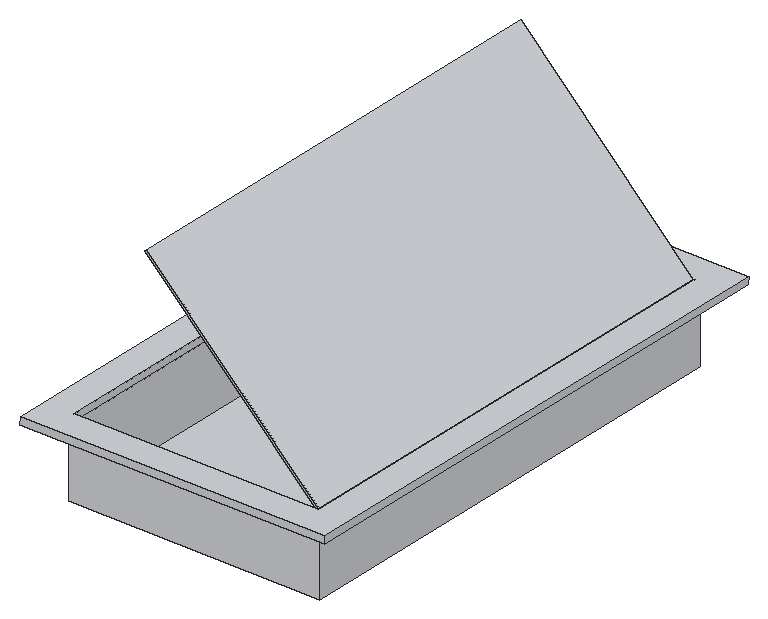
Revit family "Hager-Volta-IP30-Flush_mounted-empty-SE-en", category Electrical Equipment, host Face, Revit 2020
Family settings
  Host = Face
  Panel Configuration = Two Columns, Circuits Across
  Round Connector Dimension = Use Diameter
  Part Type = Panelboard
  Cut with Voids When Loaded = No
  Shared = No
  Room Calculation Point = No
Parameters (values of type "Recessed mounted IP30 W348 H630.5 D98 12 Modular spacings - VU36NMB")
  Width Control [instance] = if([HG000006 - Flush mounted], if([EF000846 - Built-in width] > min_whd, [EF000846 - Built-in width], min_whd), if([EF000008 - Width] > min_whd, ([EF000008 - Width]), min_whd))  # 314 mm
  Void Depth [instance] = if([HG000006 - Flush mounted], Depth Control, 1 mm)  # 89 mm
  Type Comments = [HG000003 - Range]  # "Volta"
  System Height [instance] = Height Control - 2 * [HG000005 - Thickness]  # 589 mm
  Model = [HG000004 - Manufacturer reference]  # "VU36NMB"
  HG000017 - Distance between poles = 18 mm
  HG000016 - Door 3d visibility [instance] = yes
  HG000015 - Clearance visibility [instance] = no
  HG000014 - Door on the right [instance] = yes
  HG000013 - Door on the left [instance] = not([HG000014 - Door on the right])  # no
  HG000012 - Door swing angle [instance] = 45.00°
  HG000011 - Empty rows from bottom = no
  HG000010 - Asymmetric doors = no
  HG000009 - Double swing door = no
  HG000008 - Number of empty rows = 0
  HG000007 - Number of empty columns = 0
  HG000006 - Flush mounted = yes
  HG000005 - Thickness = 3 mm  # constant formula
  HG000004 - Manufacturer reference = "VU36NMB"
  HG000003 - Range = "Volta"
  HG000002 - With door or cover = yes
  HG000001 - Number of columns = 0
  EF015941 - Signal passing door = no
  EF015777 - Neutral terminal block = no
  EF015776 - Earthing terminal block = yes
  EF009212 - Cover model = "EV009916 - With notch"
  EF006306 - With lock = no
  EF006244 - Transparent cover/door = no
  EF005474 - Degree of protection (IP) = "EV006410 - IP30"
  EF004462 - Type of closure = "EV000154 - Other"
  EF002950 - Width in number of modular spacings = 12
  EF001596 - Material housing = "EV000154 - Other"
  EF001134 - DIN-rail = yes
  EF001131 - Internal depth = 92 mm
  EF001088 - Extension possible = yes
  EF001062 - EMC-version = no
  EF000846 - Built-in width = 314 mm
  EF000339 - Type of cover = "EV004216 - Door"
  EF000332 - Built-in height = 595 mm
  EF000266 - Number of rows = 0
  EF000218 - Built-in depth = 89 mm
  EF000118 - With mounting plate = yes
  EF000116 - RAL-number = "9010"
  EF000049 - Depth = 98 mm
  EF000040 - Height = 630 mm
  EF000008 - Width = 348 mm
  EF000007 - Colour = "EV000202 - White"
  EF000003 - Mounting method = "EV000383 - Flush mounted (plaster)"
  Arrow Offset [instance] = Depth Control / 8  # 11.125 mm
  Arrow Height [instance] = Depth Control - Arrow Offset  # 77.875 mm
  Host Offset [instance] = if([HG000006 - Flush mounted], 0 mm, [EF000049 - Depth])  # 0 mm
  min_whd [instance] = (2 * [HG000005 - Thickness]) + 1 mm  # 7 mm
  Manufacturer = "Hager"  # constant formula
  Height Control [instance] = if([HG000006 - Flush mounted], if([EF000332 - Built-in height] > min_whd, [EF000332 - Built-in height], min_whd), if([EF000040 - Height] > min_whd, ([EF000040 - Height]), min_whd))  # 595 mm
  Flush Mounted - Door Frame Width [instance] = if(([EF000040 - Height] - [EF000332 - Built-in height]) > 0 mm, if([HG000006 - Flush mounted], [EF000040 - Height] - [EF000332 - Built-in height], 0 mm), 0 mm)  # 35 mm
  Depth Control [instance] = if([HG000006 - Flush mounted], if([EF000218 - Built-in depth] > 0 mm, [EF000218 - Built-in depth], 1 mm), if([EF000049 - Depth] > 0 mm, ([EF000049 - Depth]), 1 mm))  # 89 mm
  Default Elevation = 0 mm
Reference planes
  plane 1 "Center (Front/Back)": y = 0
  plane 2: z = 0
  plane 3 "Center (Left/Right)": x = 0
  plane 4: z = 0
  plane 5: y = 38
  plane 6: z = -5
  plane 7: y = 332.5
  plane 8: y = 35
  plane 9: y = 630
  plane 10: z = -89
  plane 11: x = -157
  plane 12: x = 157
  plane 13: x = 154
  plane 14: x = -154
  plane 15: y = 627
  plane 16: z = -86
  plane 17: z = -3
  plane 18: z = -89
  plane 19: z = -3
Forms (mm)
  Extrusion 1, solid
    sketch origin (-583.045, 35, 1219.2) x (-1, 0, 0) y (0, 0, 1)
      loop
        line (-426.045, -1219.2) -> (-740.045, -1219.2) -> (-740.045, -1308.2) -> (-426.045, -1308.2) -> (-426.045, -1219.2)
    from 0 to 595 <- "Height Control"
  Extrusion 2, void
    sketch origin (-381.607, -4572, 0) x (0, -1, 0) y (-1, 0, 0)
      loop
        line (-5199, -227.607) -> (-5199, -535.607) -> (-4610, -535.607) -> (-4610, -227.607) -> (-5199, -227.607)
    from 0 to 86
  Extrusion 3, void
    sketch origin (0, 0, 0) x (1, 0, 0) y (0, 1, 0)
      loop
        line (-157, 35) -> (157, 35) -> (157, 630) -> (-157, 630) -> (-157, 35)
    from -89 to 1
  Extrusion 4, solid, detail levels coarse+medium
    sketch origin (-381.607, -4572, 0) x (-1, 0, 0) y (0, -1, 0)
      loop
        line (-227.607, -5199) -> (-227.607, -4610) -> (-535.607, -4610) -> (-535.607, -5199) -> (-227.607, -5199)
    from 0 to -3
Cuts and joins
  Extrusion 2 cuts Extrusion 1
Dimensions and locks
  plane 4 to plane 6 = 5 mm
  "Host Offset": plane 4 to host face
  "Flush Mounted - Door Frame Width": plane 1 "Center (Front/Back)" to plane 8
  "HG000005 - Thickness": plane 5 to plane 8
  locked: connector elem to plane 3 "Center (Left/Right)"
  "Height Control": plane 9 to plane 8
  equal spacing: plane 9, plane 7, plane 8
  locked: connector elem to plane 7
  "Depth Control": plane 4 to plane 10
  "HG000005 - Thickness": plane 11 to plane 14
  "HG000005 - Thickness": plane 12 to plane 13
  equal spacing: plane 11, plane 3 "Center (Left/Right)", plane 12
  "Width Control": plane 11 to plane 12
  "Arrow Offset": nested 4 to plane 10
  "HG000005 - Thickness": plane 9 to plane 15
  "HG000005 - Thickness": plane 16 to plane 10
  "HG000005 - Thickness": plane 4 to plane 17
  "Void Depth": plane 2 to plane 18
  "HG000005 - Thickness": plane 4 to plane 19
  aligned and locked: plane 2 to host face
  aligned and locked: level to host face
  aligned and locked: plane 3 "Center (Left/Right)" to nested 2
  aligned and locked: plane 4 to nested 2
  aligned and locked: nested 2 to plane 8
  aligned and locked: nested 1 to plane 6
  aligned and locked: plane 5 to nested 1
  aligned and locked: nested 4 to plane 11
  aligned and locked: nested 3 to plane 4
  aligned and locked: Extrusion 1 sketch curve to plane 12
  aligned and locked: Extrusion 1 sketch curve to plane 11
  aligned and locked: nested 3 to plane 10
  aligned and locked: plane 10 to Extrusion 1 sketch curve
  aligned and locked: plane 5 to Extrusion 2 sketch curve
  aligned and locked: Extrusion 2 sketch curve to plane 15
  aligned and locked: Extrusion 2 sketch curve to plane 14
  aligned and locked: Extrusion 2 sketch curve to plane 13
  aligned and locked: plane 11 to Extrusion 3 sketch curve
  aligned and locked: plane 9 to Extrusion 3 sketch curve
  aligned and locked: Extrusion 3 sketch curve to plane 8
  aligned and locked: plane 12 to Extrusion 3 sketch curve
  aligned and locked: nested 3 to plane 12
  aligned and locked: Extrusion 3 to plane 18
  aligned and locked: Extrusion 2 to plane 16
  aligned and locked: Extrusion 1 sketch curve to plane 4
  aligned and locked: Extrusion 4 to plane 17
  aligned and locked: Extrusion 4 sketch curve to plane 15
  aligned and locked: Extrusion 4 sketch curve to plane 13
  aligned and locked: Extrusion 4 sketch curve to plane 14
  aligned and locked: plane 5 to Extrusion 4 sketch curve
Automatic sketch dimensions
  host sketch curve to host sketch curve = 1469.727 mm
  host sketch curve to host sketch curve = 1434.803 mm
Nested families
  nested 1: "Hager_Enclosure_System" at (0, 38, -5) x (1, 0, 0) z (0, 1, 0), Depth <- "HG000005 - Thickness", Height <- "System Height", Width <- "EF000008 - Width", Border <- "HG000005 - Thickness", Flush_Mounted <- "HG000006 - Flush mounted", Built-in_Width <- "EF000846 - Built-in width", Row_Module_Multiplicator <- "EF002950 - Width in number of modular spacings", Total_No_Empty_Rows <- "HG000008 - Number of empty rows", Total_No_Rows <- "EF000266 - Number of rows", Empty_Columns <- "HG000007 - Number of empty columns", Width_Control <- "Width Control", Empty_Rows_From_Bottom <- "HG000011 - Empty rows from bottom", Distance_Between_Poles <- "HG000017 - Distance between poles", Rows_Count <- "EF000266 - Number of rows", Columns_Count <- "HG000001 - Number of columns", type "Hager_Enclosure_System", detail levels fine
    with Width_Control 314 mm, Width 348 mm, Total_No_Rows 0, Total_No_Empty_Rows 0, Total_No_Columns 1, System_Width 308 mm, Rows_Count 0, Rows_Column 0, Row_Module_Multiplicator 12, Panel_4 no, Panel_3 no, Panel_2 no, Panel_1 no, No_Panels_Ctrl 1, Hide_Columns yes, Height 589 mm, Flush_Mounted yes, Empty_Rows_From_Bottom no, Empty_Rows_Column 0, Empty_Columns 0, Distance_Between_Poles 18 mm, Depth 3 mm, Columns_Count 0, Column_Width 308 mm, Built-in_Width 314 mm, Border 3 mm
  nested 2: "Hager_Enclosure_Door" at (0, 35, 0) x (1, 0, 0) z (0, 1, 0), Border <- "HG000005 - Thickness", Door_Right <- "HG000014 - Door on the right", Flush_Mounted <- "HG000006 - Flush mounted", Depth <- "EF000049 - Depth", Width <- "EF000008 - Width", Door_Left <- "HG000013 - Door on the left", 3d_Door <- "HG000016 - Door 3d visibility", BuiltIn_Width <- "EF000846 - Built-in width", BuiltIn_Height <- "EF000332 - Built-in height", BuiltIn_Depth <- "EF000218 - Built-in depth", Angle <- "HG000012 - Door swing angle", Assymetrical <- "HG000010 - Asymmetric doors", Double <- "HG000009 - Double swing door", Clearance <- "HG000015 - Clearance visibility", Transparent <- "EF006244 - Transparent cover/door", Door <- "HG000002 - With door or cover", Height_Ctrl <- "Height Control", Width_Ctrl <- "Width Control", Height <- "EF000040 - Height", type "Hager_Enclosure_Door", detail levels medium+fine
    with min_wh 7 mm, Width_Ctrl 314 mm, Width 348 mm, Transparent_Door_No_Bottom_Border no, Transparent no, Leaf_Width 305 mm, Leaf_Tolerance 1.5 mm, Leaf_Height 586 mm, Leaf_2_Width 305 mm, Leaf_2_Offset 152.5 mm, Leaf_1_Width 305 mm, Leaf_1_Offset 152.5 mm, Height_Ctrl 595 mm, Height 630 mm, Frame_Width_Ctrl 34 mm, Frame_Width 34 mm, Frame_Internal_Offset 3 mm, Frame_Height_Ctrl 35 mm, Frame_Height 35 mm, Frame_Depth_Ctrl 9 mm, Frame_Depth 9 mm, Flush_Mounted yes, Double_Clearance_Ctrl no, Double no, Door_Right_Ctrl yes, Door_Right yes, Door_Left_Ctrl no, Door_Left no, Door yes, Depth 98 mm, Clearance_Depth 305 mm, Clearance_Ctrl no, Clearance no, BuiltIn_Width 314 mm, BuiltIn_Height 595 mm, BuiltIn_Depth 89 mm, Border 3 mm, Assymetrical no, Angle 45.00°, 3d_Door yes
  nested 3: "Hager_Enclosure_Symbol_Triangle" at (-157, 0, -89) x (1, 0, 0) z (0, -1, 0), Depth <- "Depth Control", Width <- "Width Control", type "Hager_Enclosure_Symbol_Triangle"
    with Width_Ctrl 314 mm, Width 314 mm, Depth_Ctrl 89 mm, Depth 89 mm
  nested 4: "Hager_Enclosure_Symbol_Arrow" at (-157, 0, -77.875) x (1, 0, 0) z (0, -1, 0), Height <- "Arrow Height", type "Hager_Enclosure_Symbol_Arrow"
    with Width_Inside 5.841 mm, Width 70.087 mm, Height_Ctrl 77.875 mm, Height 77.875 mm
Connectors
  electrical at (0, 332.5, -89)
    settings: on plane 10, index 1, voltage 0 V, apparent load 0 VA, apparent load phase1 0 VA, apparent load phase2 0 VA, apparent load phase3 0 VA, power factor 1, load classification "Other", number of poles 1, system type 30, power factor state 1, is connector primary yes, connector utility no, sub classification motor no, connector description ""
Definition of nested family "Hager_Enclosure_Door"
  Parameters (values of type "Hager_Enclosure_Door")
    min_wh [instance] = (2 * Border) + 1 mm  # 11 mm
    Width_Ctrl [instance] = 400 mm
    Width [instance] = 500 mm
    Transparent_Door_No_Bottom_Border [instance] = no
    Transparent [instance] = yes
    Leaf_Width [instance] = if((Width_Ctrl - 2 * Border - 2 * Leaf_Tolerance) > 0 mm, (Width_Ctrl - 2 * Border - 2 * Leaf_Tolerance), min_wh)  # 387 mm
    Leaf_Tolerance [instance] = 1.5 mm  # constant formula
    Leaf_Height [instance] = if((Height_Ctrl - 2 * Border - 2 * Leaf_Tolerance) > 0 mm, (Height_Ctrl - 2 * Border - 2 * Leaf_Tolerance), min_wh)  # 387 mm
    Leaf_2_Width [instance] = if(and(and(Double, Assymetrical), Door_Left), (Leaf_Width / 3) - (Leaf_Tolerance / 2), if(and(and(Double, Assymetrical), Door_Right), (Leaf_Width / 3) * 2 - (Leaf_Tolerance / 2), if(and(Double, not(Assymetrical)), (Leaf_Width / 2) - Leaf_Tolerance, Leaf_Width)))  # 387 mm
    Leaf_2_Offset [instance] = if(and(Double, Assymetrical), Leaf_2_Width / 2, if(and(Double, not(Assymetrical)), Leaf_Width / 4, Leaf_Width / 2))  # 193.5 mm
    Leaf_1_Width [instance] = if(and(and(Double, Assymetrical), Door_Right), (Leaf_Width / 3) - (Leaf_Tolerance / 2), if(and(and(Double, Assymetrical), Door_Left), (Width / 3) * 2 - (Leaf_Tolerance / 2), if(and(Double, not(Assymetrical)), (Leaf_Width / 2) - Leaf_Tolerance, Leaf_Width)))  # 387 mm
    Leaf_1_Offset [instance] = if(and(Double, Assymetrical), Leaf_1_Width / 2, if(and(Double, not(Assymetrical)), Leaf_Width / 4, Leaf_Width / 2))  # 193.5 mm
    Height_Ctrl [instance] = 400 mm
    Height [instance] = 500 mm
    Frame_Width_Ctrl [instance] = if(Frame_Width > 0 mm, Frame_Width, 1 mm)  # 1 mm
    Frame_Width [instance] = Width - BuiltIn_Width  # 0 mm
    Frame_Internal_Offset [instance] = if(Flush_Mounted, Border, 0 mm)  # 5 mm
    Frame_Height_Ctrl [instance] = if(Frame_Height > 0 mm, Frame_Height, 1 mm)  # 1 mm
    Frame_Height [instance] = Height - BuiltIn_Height  # 0 mm
    Frame_Depth_Ctrl [instance] = if(Frame_Depth > 0 mm, Frame_Depth, 1 mm)  # 1 mm
    Frame_Depth [instance] = if(Depth - BuiltIn_Depth > 0 mm, if(Flush_Mounted, Depth - BuiltIn_Depth, 0 mm), 0 mm)  # 0 mm
    Flush_Mounted [instance] = yes
    Double_Clearance_Ctrl [instance] = and(Double, Clearance)  # no
    Double [instance] = no
    Door_Right_Ctrl [instance] = and(or(Door_Right, Double), Door)  # yes
    Door_Right [instance] = yes
    Door_Left_Ctrl [instance] = and(or(Door_Left, Double), Door)  # no
    Door_Left [instance] = no
    Door [instance] = yes
    Depth [instance] = 500 mm
    Default Elevation = 1219.2 mm
    Clearance_Material = none
    Clearance_Depth [instance] = if(Leaf_1_Width > Leaf_2_Width, Leaf_1_Width, Leaf_2_Width)  # 387 mm
    Clearance_Ctrl [instance] = and(not(Double), Clearance)  # yes
    Clearance [instance] = yes
    BuiltIn_Width [instance] = 500 mm
    BuiltIn_Height [instance] = 500 mm
    BuiltIn_Depth [instance] = 500 mm
    Border [instance] = 5 mm
    Assymetrical [instance] = yes
    Angle [instance] = 30.00°
    3d_Door [instance] = yes
  Reference planes
    plane 1 "Center (Front/Back)": y = 0
    plane 2 "Bottom": z = 0
    plane 3 "Center (Left/Right)": x = 0
    plane 4: z = 400
    plane 5: x = -200
    plane 6: x = 200
    plane 7: z = 395
    plane 8: x = -195
    plane 9: z = 5
    plane 10: x = 195
    plane 11: y = 0
    plane 12: z = 6.5
    plane 13: x = -582
    plane 14: y = -387
    plane 15: x = 582
    plane 16: x = 0
    plane 17: x = 0
    plane 18: x = -193.5
    plane 19: x = 193.5
    plane 20: z = 393.5
  Forms (mm)
    Extrusion 1, solid, visible <- "Flush_Mounted"
      sketch origin (0, 0, 0) x (1, 0, 0) y (0, 0, 1)
        loop
          line (195, 5) -> (195, 395) -> (-195, 395) -> (-195, 5) -> (195, 5)
        loop
          line (-201, 401) -> (-201, -1) -> (201, -1) -> (201, 401) -> (-201, 401)
      from 0 to 1 <- "Frame_Depth_Ctrl"
    Extrusion 2, solid, material <- "Clearance_Material", visible <- "Double_Clearance_Ctrl"
      sketch origin (1200, 0, 0) x (1, 0, 0) y (0, 0, -1)
        loop
          line (-1782, -393.5) -> (-618, -393.5) -> (-618, 0) -> (-1782, 0) -> (-1782, -393.5)
      from 0 to -387
  Dimensions and locks
    equal spacing: plane 5, plane 3 "Center (Left/Right)", plane 6
    "Width_Ctrl": plane 5 to plane 6
    "Border": plane 5 to plane 8
    "Border": plane 6 to plane 10
    "Border": plane 9 to level
    "Border": plane 4 to plane 7
    "Height_Ctrl": plane 4 to level
    "Leaf_Tolerance": plane 12 to plane 9
    "Frame_Depth": plane 11 to plane 1 "Center (Front/Back)"
    "Frame_Width_Ctrl": plane 5 to Extrusion 1 sketch curve
    "Frame_Width_Ctrl": plane 6 to Extrusion 1 sketch curve
    "Frame_Width_Ctrl": Extrusion 1 sketch curve to plane 4
    "Frame_Width_Ctrl": plane 2 "Bottom" to Extrusion 1 sketch curve
    "Leaf_1_Offset": plane 18 to plane 16
    "Leaf_2_Offset": plane 17 to plane 19
    "Leaf_1_Width": plane 13 to plane 8
    "Leaf_2_Width": plane 10 to plane 15
    "Clearance_Depth": plane 14 to plane 1 "Center (Front/Back)"
    "Leaf_Tolerance": plane 8 to plane 18
    "Leaf_Tolerance": plane 19 to plane 10
    "Leaf_Tolerance": plane 7 to plane 20
    "Frame_Internal_Offset": plane 5 to Extrusion 1 sketch curve
    "Frame_Internal_Offset": Extrusion 1 sketch curve to plane 2 "Bottom"
    "Frame_Internal_Offset": plane 6 to Extrusion 1 sketch curve
    "Frame_Internal_Offset": plane 4 to Extrusion 1 sketch curve
    aligned and locked: level to plane 2 "Bottom"
    aligned and locked: nested 1 to plane 16
    aligned and locked: nested 2 to plane 17
    aligned and locked: Extrusion 2 to plane 13
    aligned and locked: plane 15 to Extrusion 2
    aligned and locked: Extrusion 2 to plane 14
    aligned and locked: plane 12 to nested 1
    aligned and locked: nested 2 to plane 12
    aligned and locked: Extrusion 2 to plane 11
    aligned and locked: plane 20 to Extrusion 2
    aligned and locked: nested 2 to plane 11
    aligned and locked: nested 1 to plane 11
  Automatic sketch dimensions
    Extrusion 2 sketch curve to level = 0 mm
    plane 5 to Extrusion 2 sketch curve = 382 mm
    plane 6 to Extrusion 2 sketch curve = 382 mm
    Extrusion 2 sketch curve to plane 4 = 6.5 mm
  Nested families
    nested 1: "Hager_Enclosure_Door_Leaf" at (0, 0, 6.5), Width <- "Leaf_1_Width", visible <- "Door_Left_Ctrl", Leaf_Height <- "Leaf_Height", Angle <- "Angle", Depth <- "Border", 3d_Door <- "3d_Door", Transparent <- "Transparent", Clearance Material <- "Clearance_Material", Clearance <- "Clearance_Ctrl", Transparent_Door_No_Bottom_Border <- "Transparent_Door_No_Bottom_Border", type "Hager_Enclosure_Door_Leaf"
      with Width 387 mm, Transparent_Door_No_Bottom_Border no, Transparent_Door_Border_Bottom_Top 25 mm, Transparent_Door_Border 25 mm, Transparent_Ctrl yes, Transparent yes, Standard no, Leaf_Height 387 mm, Glass_Offset 1 mm, Depth 5 mm, Clearance Material none, Clearance yes, Angle_Ctrl 30.00°, Angle 30.00°, 3d_Door yes
    nested 2: "Hager_Enclosure_Door_Leaf" at (0, 0, 6.5) x (-1, 0, 0) z (0, 0, 1), Width <- "Leaf_2_Width", visible <- "Door_Right_Ctrl", Leaf_Height <- "Leaf_Height", Angle <- "Angle", Depth <- "Border", 3d_Door <- "3d_Door", Transparent <- "Transparent", Clearance Material <- "Clearance_Material", Clearance <- "Clearance_Ctrl", Transparent_Door_No_Bottom_Border <- "Transparent_Door_No_Bottom_Border", type "Hager_Enclosure_Door_Leaf"
      with Width 387 mm, Transparent_Door_No_Bottom_Border no, Transparent_Door_Border_Bottom_Top 25 mm, Transparent_Door_Border 25 mm, Transparent_Ctrl yes, Transparent yes, Standard no, Leaf_Height 387 mm, Glass_Offset 1 mm, Depth 5 mm, Clearance Material none, Clearance yes, Angle_Ctrl 30.00°, Angle 30.00°, 3d_Door yes
  Definition of nested family "Hager_Enclosure_Door_Leaf"
    Parameters (values of type "Hager_Enclosure_Door_Leaf")
      Width [instance] = 2000 mm
      Transparent_Door_No_Bottom_Border [instance] = yes
      Transparent_Door_Border_Bottom_Top [instance] = if(Transparent_Door_No_Bottom_Border, 0.1 mm, Transparent_Door_Border)  # 0.1 mm
      Transparent_Door_Border [instance] = if(Transparent_Door_No_Bottom_Border, (Width * 0.12), 25 mm)  # 240 mm
      Transparent_Ctrl [instance] = and(Transparent, [3d_Door])  # yes
      Transparent [instance] = yes
      Standard [instance] = and(not(Transparent), [3d_Door])  # no
      Leaf_Height [instance] = 2720.336 mm
      Glass_Offset [instance] = if((Depth - 10 mm) / 2 > 0 mm, (Depth - 10 mm) / 2, 1 mm)  # 15 mm
      Glass_Material = none
      Depth [instance] = 40 mm
      Default Elevation = 0 mm
      Clearance Material [instance] = none
      Clearance [instance] = yes
      Angle_Ctrl [instance] = if(Angle > 170.00°, 170.00°, Angle)  # 45.00°
      Angle [instance] = 45.00°
      3d_Door [instance] = yes
    Reference planes
      plane 1 "Center (Front/Back)": y = 0
      plane 2: z = 0
      plane 3 "Center (Left/Right)": x = 0
      plane 4: y = 2000
      plane 5: x = -1000
      plane 6: x = 1000
      plane 7: x = -3000
      plane 8: z = 2720.336
      plane 9: z = 0.1
      plane 10: z = 2720.236
      plane 11: x = 760
      plane 12: x = -760
    Forms (mm)
      Extrusion 1, solid, material <- "Clearance Material", visible <- "Clearance"
        sketch origin (0, 0, 0) x (1, 0, 0) y (0, 0, 1)
          loop
            line (-3000, 2720.336) -> (-3000, 0) -> (1000, 0) -> (1000, 2720.336) -> (-3000, 2720.336)
        from 0 to -2000
      Extrusion 2, solid, visible <- "Standard", detail levels medium+fine
        sketch origin (-1000, 0, 0) x (0.707107, 0.707107, 0) y (-0.707107, 0.707107, 0)
          loop
            line (0, -40) -> (2000, -40) -> (2000, 0) -> (0, 0) -> (0, -40)
        from 0 to 2720.336 <- "Leaf_Height"
      Extrusion 3, solid, visible <- "Transparent_Ctrl", detail levels medium+fine
        sketch origin (-1000, 0, 0) x (0.707107, 0.707107, 0) y (-0.707107, 0.707107, 0)
          loop
            line (0, -40) -> (2000, -40) -> (2000, 0) -> (0, 0) -> (0, -40)
        from 0 to 2720.336 <- "Leaf_Height"
      Extrusion 4, void, detail levels medium+fine
        sketch origin (-1000, 0, 0) x (-0.707107, 0.707107, 0) y (0.707107, 0.707107, 0)
          loop
            line (0, 240) -> (0, 1760) -> (-40, 1760) -> (-40, 240) -> (0, 240)
        from -2720.236 to -0.1
      Extrusion 5, solid, material <- "Glass_Material", visible <- "Transparent_Ctrl", detail levels medium+fine
        sketch origin (-1000, 0, 0) x (0.707107, 0.707107, 0) y (-0.707107, 0.707107, 0)
          loop
            line (240, -15) -> (240, -25) -> (1760, -25) -> (1760, -15) -> (240, -15)
        from 0.1 to 2720.236
    Cuts and joins
      Extrusion 4 cuts Extrusion 3
    Lines and regions (mm)
      symbolic lines
        curve 1: line (1000, 0, 0) -> (-3000, 0, 0)
        curve 2: arc (1000, 0, 0) -> (-1000, 2000, 0) -> (-3000, 0, 0) r 2000
        curve 4: line (-1000, 0, 0) -> (414.214, 1414.214, 0)
      reference lines
        curve 3: line (-1000, 0, 0) -> (414.214, 1414.214, 0)
      symbolic lines, detail levels medium+fine
        curve 5: line (414.214, 1414.214, 0) -> (442.498, 1385.929, 0)
        curve 6: line (442.498, 1385.929, 0) -> (-971.716, -28.284, 0)
        curve 7: line (-971.716, -28.284, 0) -> (-1000, 0, 0)
        curve 8: line (-1000, 0, 2720.336) -> (1000, 0, 2720.336)
        curve 9: line (-1000, 0, 0) -> (-1000, 0, 2720.336)
        curve 10: line (1000, 0, 0) -> (-1000, 0, 0)
        curve 11: line (1000, 0, 2720.336) -> (1000, 0, 0)
      symbolic lines, visible <- "Transparent_Ctrl", detail levels medium+fine
        curve 12: line (-760, 0, 2720.236) -> (760, 0, 2720.236)
        curve 13: line (-760, 0, 0.1) -> (-760, 0, 2720.236)
        curve 14: line (760, 0, 0.1) -> (-760, 0, 0.1)
        curve 15: line (760, 0, 2720.236) -> (760, 0, 0.1)
    Dimensions and locks
      "Width": plane 1 "Center (Front/Back)" to plane 4
      equal spacing: plane 5, plane 3 "Center (Left/Right)", plane 6
      "Width": plane 5 to plane 6
      "Width": plane 7 to plane 5
      "Leaf_Height": plane 8 to level
      "Depth": curve 6 to curve 3
      "Width": curve 5 to curve 3
      "Width": curve 3 to curve 3
      "Transparent_Door_Border": Extrusion 4 sketch curve to curve 7
      "Transparent_Door_Border": Extrusion 4 sketch curve to curve 5
      "Transparent_Door_Border_Bottom_Top": plane 8 to plane 10
      "Transparent_Door_Border_Bottom_Top": plane 9 to level
      "Glass_Offset": Extrusion 5 sketch curve to curve 4
      "Glass_Offset": Extrusion 5 sketch curve to curve 6
      "Transparent_Door_Border": Extrusion 5 sketch curve to curve 5
      "Transparent_Door_Border": Extrusion 5 sketch curve to curve 7
      "Transparent_Door_Border": plane 12 to plane 5
      "Transparent_Door_Border": plane 6 to plane 11
      "Angle_Ctrl": angle plane 1 "Center (Front/Back)" to curve 3
      aligned and locked: level to plane 2
      aligned and locked: Extrusion 1 to curve 1
      aligned and locked: plane 6 to Extrusion 1
      aligned and locked: Extrusion 1 to plane 1 "Center (Front/Back)"
      aligned and locked: plane 4 to Extrusion 1
      aligned and locked: plane 8 to Extrusion 1
      aligned and locked: curve 4 to curve 3
      aligned and locked: Extrusion 2 sketch curve to curve 7
      aligned and locked: Extrusion 2 sketch curve to curve 6
      aligned and locked: Extrusion 2 sketch curve to curve 5
      aligned and locked: Extrusion 2 sketch curve to curve 3
      aligned and locked: curve 7 to Extrusion 3 sketch curve
      aligned and locked: Extrusion 3 sketch curve to curve 4
      aligned and locked: Extrusion 3 sketch curve to curve 6
      aligned and locked: Extrusion 3 sketch curve to curve 5
      aligned and locked: curve 4 to Extrusion 4 sketch curve
      aligned and locked: curve 6 to Extrusion 4 sketch curve
      aligned and locked: Extrusion 4 to plane 9
      aligned and locked: Extrusion 4 to plane 10
      aligned and locked: Extrusion 5 to plane 9
      aligned and locked: Extrusion 5 to plane 10
      aligned and locked: curve 8 to plane 8
      aligned and locked: plane 5 to curve 9
      aligned and locked: plane 2 to curve 10
      aligned and locked: curve 11 to plane 6
      aligned and locked: plane 10 to curve 12
      aligned and locked: plane 12 to curve 13
      aligned and locked: curve 14 to plane 9
      aligned and locked: plane 11 to curve 15
    Automatic sketch dimensions
      plane 1 "Center (Front/Back)" to curve 2 = 0 mm
      curve 2 to plane 5 = 0 mm
      Extrusion 1 sketch curve to level = 0 mm
      Extrusion 1 sketch curve to plane 7 = 0 mm
      Extrusion 1 sketch curve to plane 6 = 0 mm
      Extrusion 1 sketch curve to plane 8 = 0 mm
      plane 1 "Center (Front/Back)" to curve 3 = 0 mm
      curve 3 to plane 5 = 0 mm
      curve 7 to curve 3 = 0 mm
Definition of nested family "Hager_Enclosure_Symbol_Triangle"
  Parameters (values of type "Hager_Enclosure_Symbol_Triangle")
    Width_Ctrl [instance] = if(Width > 1 mm, Width, 1 mm)  # 498 mm
    Width [instance] = 498 mm
    Depth_Ctrl [instance] = if(Depth > 1 mm, Depth, 1 mm)  # 72 mm
    Depth [instance] = 72 mm
  Reference planes
    plane 1 "Centre (avant/arrière)": y = 0
    plane 2: z = 0
    plane 3 "Centre (gauche/droite)": x = 0
  Lines and regions (mm)
    Filled region 1, type "Solid_Black", in view "Niveau de réf."
      outline origin (0, 0, 0) x (1, 0, 0) y (0, 1, 0)
        loop
          line (0, 0) -> (498, 0) -> (498, 72) -> (0, 0)
    reference lines, in view "Niveau de réf."
      curve 1: line (-206.153, 72, 0) -> (1083.258, 72, 0)
      curve 2: line (498, 405.456, 0) -> (498, -517.619, 0)
  Dimensions and locks
    "Depth_Ctrl": plane 1 "Centre (avant/arrière)" to curve 1
    "Width_Ctrl": plane 3 "Centre (gauche/droite)" to curve 2
    aligned and locked: curve 1 to Filled region 1 sketch curve
    aligned and locked: Filled region 1 sketch curve to plane 1 "Centre (avant/arrière)"
    aligned and locked: curve 2 to Filled region 1 sketch curve
    aligned and locked: plane 3 "Centre (gauche/droite)" to Filled region 1 sketch curve
    aligned and locked: plane 1 "Centre (avant/arrière)" to Filled region 1 sketch curve
  Automatic sketch dimensions
    curve 1 to plane 3 "Centre (gauche/droite)" = 206.153 mm
    curve 2 to curve 1 = 585.258 mm
    plane 1 "Centre (avant/arrière)" to curve 2 = 517.619 mm
    curve 2 to plane 1 "Centre (avant/arrière)" = 405.456 mm
Definition of nested family "Hager_Enclosure_Symbol_Arrow"
  Parameters (values of type "Hager_Enclosure_Symbol_Arrow")
    Width_Inside [instance] = if(Width / 12 > 2 mm, Width / 12, 2 mm)  # 4.987 mm
    Width [instance] = if(Height_Ctrl * 0.9 > 2 mm, Height_Ctrl * 0.9, 2 mm)  # 59.85 mm
    Height_Ctrl [instance] = if(Height > 2 mm, Height, 2 mm)  # 66.5 mm
    Height [instance] = 66.5 mm
  Reference planes
    plane 1 "Centre (avant/arrière)": y = 0
    plane 2: z = 0
    plane 3 "Centre (gauche/droite)": x = 0
    plane 4: x = 59.85
    plane 5: y = 28.263
    plane 6: y = 38.238
    plane 7: y = 66.5
    plane 8: x = 29.925
    plane 9: y = 33.25
  Lines and regions (mm)
    Filled region 1, type "Solid_Black", in view "Niveau de réf."
      outline origin (0, 0, 0) x (1, 0, 0) y (0, 1, 0)
        loop
          line (59.85, 66.5) -> (37.929, 52.827) -> (51.846, 41.935) -> (59.85, 66.5)
    detail lines, in view "Niveau de réf."
      curve 1: line (0, 0, 0) -> (29.925, 38.238, 0)
      curve 2: line (29.925, 38.238, 0) -> (29.925, 28.263, 0)
      curve 3: line (29.925, 28.263, 0) -> (59.85, 66.5, 0)
  Dimensions and locks
    "Width": plane 3 "Centre (gauche/droite)" to plane 4
    "Height_Ctrl": plane 7 to plane 1 "Centre (avant/arrière)"
    equal spacing: plane 3 "Centre (gauche/droite)", plane 8, plane 4
    equal spacing: plane 7, plane 9, plane 1 "Centre (avant/arrière)"
    equal spacing: plane 6, plane 9, plane 5
    "Width_Inside": plane 6 to plane 9
    equal spacing: curve 3, Filled region 1 sketch curve, Filled region 1 sketch curve
    angle Filled region 1 sketch curve to curve 3 = 20.00°
    angle curve 3 to Filled region 1 sketch curve = 20.00°
    locked: curve 3 to Filled region 1 sketch curve (angle 90.00°)
  Automatic sketch dimensions
    plane 1 "Centre (avant/arrière)" to curve 1 = 0 mm
    curve 1 to plane 3 "Centre (gauche/droite)" = 0 mm
    curve 2 to plane 6 = 0 mm
    curve 3 to plane 8 = 0 mm
    curve 3 to plane 4 = 0 mm
    curve 2 to plane 5 = 0 mm
    curve 3 to plane 7 = 0 mm
    Filled region 1 sketch curve to plane 4 = 0 mm
    Filled region 1 sketch curve to plane 7 = 0 mm
